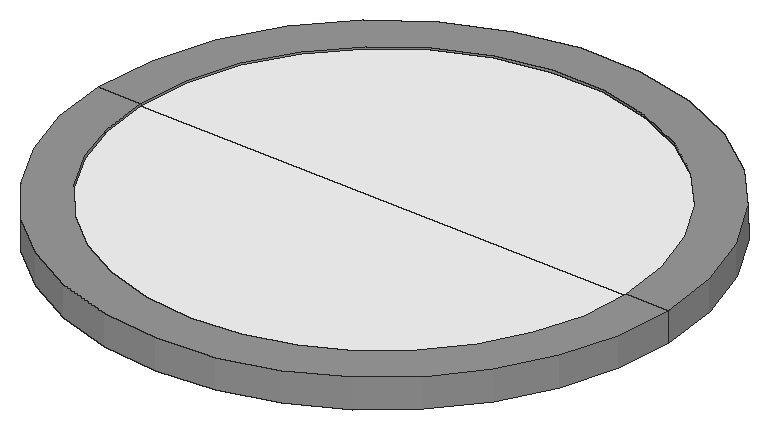
Revit family "0053415", category Lighting Fixtures, host Face, Revit 2017
Family settings
  Host = Face
  Round Connector Dimension = Use Diameter
  Part Type = Normal
  OmniClass Number = 23.80.70.00
  OmniClass Title = Lighting
  Cut with Voids When Loaded = No
  Light Source = Yes
  Shared = No
  Room Calculation Point = No
Parameters (values of type "0053415 SYLFLAT 5IN1 55-250 1900LM CCT LILO - 6500K")
  Weight = "5.76 kg"
  Wattage Comments = ""
  Wattage = 18 W
  WarrantyStartDate [instance] = "n/a"
  WarrantyGuarantorParts = "n/a"
  WarrantyDurationUnit = "n/a"
  WarrantyDurationParts = "n/a"
  WarrantyDescription = "n/a"
  built-in parameter 1150110 = 1 (stored number, unit not read)
  Voltage = 230 V
  URL = "http://www.sylvania-lighting.com"
  TypeName = "SYLFLAT 5IN1 55-250 1900LM CCT LILO - 6500K"
  Type Image = <None>
  Type Comments = "n/a"
  built-in parameter 1114217 = 1 (stored number, unit not read)
  Tilt Angle = -90.00°
  built-in parameter 1150109 = 1 (stored number, unit not read)
  built-in parameter 1150134 = 1
  built-in parameter 1150113 = 1 (stored number, unit not read)
  SerialNumber [instance] = "n/a"
  S_SYL = no
  RingVisible_SYL [instance] = no
  Radius_SYL = if(S_SYL, 82.1 mm, if(M_SYL, 108.4 mm, 145.8 mm))  # 145.8 mm
  RadiusRing_SYL = if(S_SYL, 83.1 mm, if(M_SYL, 109.4 mm, 146.8 mm))  # 146.8 mm
  RadiusRingIn_SYL = if(S_SYL, 59.5 mm, if(M_SYL, 85.8 mm, 123.2 mm))  # 123.2 mm
  Photometric Web File = "0053415-WW.ies"
  Material_3_SYL = Chrome - Polished
  PowerFactor = 0
  PowerConsumption = "18 W"
  NominalLength = 290 mm
  NominalHeight = 35 mm
  NominalDepth = 290 mm
  Name = "SYLFLAT 5IN1 55-250 1900LM CCT LILO - 6500K"
  ModelReference = Name  # "SYLFLAT 5IN1 55-250 1900LM CCT LILO - 6500K"
  ModelNumber = "0053415"
  Model = Name  # "SYLFLAT 5IN1 55-250 1900LM CCT LILO - 6500K"
  Material = "pc polycarbonate housing"
  ManufacturerName = "Feilo Sylvania"
  Manufacturer = "Feilo Sylvania"
  M_SYL = no
  LuminousEfficacy = "106 lm/W"
  LuminousAreaRad_SYL = if(S_SYL, 60.8 mm, if(M_SYL, 87 mm, 124.4 mm))  # 124.4 mm
  built-in parameter 1150105 = 151.83 (stored number, unit not read)
  Lumens = 1908 lm
  LuminaireType = ""
  built-in parameter 1150115 = 1 (stored number, unit not read)
  LightOutputRatio = "n/a"
  built-in parameter 1150137 = (empty or 0)
  built-in parameter 1150139 = (empty or 0)
  LampsType = Lamp  # "LED"
  LampNominalLuminous = "1900 lm"
  LampMacAdamStep = "n/a"
  LampColourTemperature = "6500 K"
  LampColourRenderingIndex = "80"
  built-in parameter 1150112 = 1 (stored number, unit not read)
  built-in parameter 1150114 = 1 (stored number, unit not read)
  Lamp = "LED"
  Keynote = "16500"
  InstallationDate [instance] = "n/a"
  InputVoltage = "220-240 V AC"
  InputNominalFrequency = "50/60 Hz"
  built-in parameter 1150132 = (empty or 0)
  built-in parameter 1150102 = (empty or 0)
  built-in parameter 1150107 = 6500 (stored number, unit not read)
  built-in parameter 1150138 = (empty or 0)
  IngressProtection = "IP20"
  ImpactProtectionIndex = "IK03"
  built-in parameter 1150106 = 1.5183 (stored number, unit not read)
  IfcExportType = "IfcLightFixtureType"
  IfcExportAs = "IfcLightFixtureType"
  Emit from Circle Diameter = LuminousAreaRad_SYL * 2  # 248.8 mm
  Emit Shape Visible in Rendering = no
  ElectricShockClassification = "Class II"
  built-in parameter 1150104 = 9.8477 (stored number, unit not read)
  DocumentationLiterature = "http://www.sylvania-lighting.com/product/en-int/products/0053415"
  DimmingControlOptions = "n/a"
  Material_2_SYL = LED
  Dimming Lamp Color Temperature Shift = <None>
  Description = ""
  Default Elevation = 1219.2 mm
  CreatedOn = "8/26/2019"
  CreatedBy = "@sylvania-lighting.com"
  Cost = 0
  Color Filter = 16777215
  built-in parameter 1114216 [instance] = (empty or 0)
  ClassificationValue = "EF_70_80"
  ClassificationName = "Uniclass2015"
  Material_1_SYL = PC/ABS Plastic
  BarCode [instance] = "n/a"
  built-in parameter 1114218 = 1 (stored number, unit not read)
  built-in parameter 1150133 = 10 (stored number, unit not read)
  AssetType = "Fixed"
  AssetIdentifier [instance] = "n/a"
  Assembly Code = "D5020200"
  Apparent Load = 18 VA
  Material_4_SYL = Plastic, Opaque Black
Types (3, lengths in mm): name | TypeName | built-in parameter 1150134 | Photometric Web File | Name | ModelReference | Model | LampColourTemperature | built-in parameter 1150107
  0053415 SYLFLAT 5IN1 55-250 1900LM CCT LILO - 6500K | "SYLFLAT 5IN1 55-250 1900LM CCT LILO - 6500K" | 1 | "0053415-WW.ies" | "SYLFLAT 5IN1 55-250 1900LM CCT LILO - 6500K" | "SYLFLAT 5IN1 55-250 1900LM CCT LILO - 6500K" | "SYLFLAT 5IN1 55-250 1900LM CCT LILO - 6500K" | "6500 K" | 6500 (stored number, unit not read)
  0053415 SYLFLAT 5IN1 55-250 1900LM CCT LILO - 4000K | "SYLFLAT 5IN1 55-250 1900LM CCT LILO - 4000K" | 12 | "0053415-NW.ies" | "SYLFLAT 5IN1 55-250 1900LM CCT LILO - 4000K" | "SYLFLAT 5IN1 55-250 1900LM CCT LILO - 4000K" | "SYLFLAT 5IN1 55-250 1900LM CCT LILO - 4000K" | "4000 K" | 4000 (stored number, unit not read)
  0053415 SYLFLAT 5IN1 55-250 1900LM CCT LILO - 3000K | "SYLFLAT 5IN1 55-250 1900LM CCT LILO - 3000K" | (empty or 0) | "0053415-CW.ies" | "SYLFLAT 5IN1 55-250 1900LM CCT LILO - 3000K" | "SYLFLAT 5IN1 55-250 1900LM CCT LILO - 3000K" | "SYLFLAT 5IN1 55-250 1900LM CCT LILO - 3000K" | "3000 K" | 3000 (stored number, unit not read)
Reference planes
  plane 1 "Center (Front/Back)": y = 0
  plane 2: z = 0
  plane 3 "Center (Left/Right)": x = 0
  plane 4: x = -145.8
  plane 5: z = 15
  plane 6: x = -124.4
  plane 7: z = 14
  plane 8: x = -146.8
  plane 9: z = 16
  plane 10: x = -123.2
Forms (mm)
  Revolve 1, solid, material "PC/ABS Plastic" <- "Material_1_SYL"
    sketch origin (0, 0, 0) x (1, 0, 0) y (0, 0, 1)
      loop
        line (0, 14) -> (-124.4, 14) -> (-124.4, 15) -> (-145.8, 15) -> (-145.8, 0) -> (0, 0) -> (0, 14)
      axis (0, 15) -> (0, 0)
    angle from 360 to 0
  Revolve 2, solid, material "Chrome - Polished" <- "Material_3_SYL", visible <- "RingVisible_SYL"
    sketch origin (0, 0, 0) x (1, 0, 0) y (0, 0, 1)
      loop
        line (-146.8, 0) -> (-145.8, 0) -> (-145.8, 15) -> (-123.2, 15) -> (-123.2, 16) -> (-146.8, 16) -> (-146.8, 0)
      axis (0, 16) -> (0, 0)
    angle from 360 to 0
Dimensions and locks
  locked: plane 5 to level at 15
  "Radius_SYL": plane 3 "Center (Left/Right)" to plane 4
  "LuminousAreaRad_SYL": plane 3 "Center (Left/Right)" to plane 6
  locked: plane 5 to plane 7 at 1
  locked: plane 9 to level at 16
  "RadiusRing_SYL": plane 3 "Center (Left/Right)" to plane 8
  "RadiusRingIn_SYL": plane 3 "Center (Left/Right)" to plane 10
  aligned and locked: plane 2 to host face
  aligned and locked: level to host face
  aligned and locked: Revolve 1 sketch curve to plane 3 "Center (Left/Right)"
  aligned and locked: plane 3 "Center (Left/Right)" to Revolve 1 sketch curve
  aligned and locked: Revolve 1 sketch curve to plane 7
  aligned and locked: Revolve 1 sketch curve to plane 6
  aligned and locked: Revolve 1 sketch curve to plane 5
  aligned and locked: Revolve 1 sketch curve to plane 4
  aligned and locked: Revolve 1 sketch curve to level
  aligned and locked: imposter light to Revolve 1 sketch curve
  aligned and locked: imposter light to plane 7
  aligned and locked: plane 3 "Center (Left/Right)" to imposter light
  aligned and locked: imposter light to plane 1 "Center (Front/Back)"
  aligned and locked: Revolve 2 sketch curve to plane 3 "Center (Left/Right)"
  aligned and locked: level to Revolve 2 sketch curve
  aligned and locked: plane 8 to Revolve 2 sketch curve
  aligned and locked: plane 9 to Revolve 2 sketch curve
  aligned and locked: Revolve 2 sketch curve to plane 10
  aligned and locked: Revolve 2 sketch curve to plane 5
  aligned and locked: Revolve 2 sketch curve to Revolve 1
  aligned and locked: Revolve 1 to Revolve 2 sketch curve
Automatic sketch dimensions
  host sketch curve to host sketch curve = 400 mm  (x2)
  Revolve 1 sketch curve to level = 609.6 mm
  Revolve 1 sketch curve to plane 5 = 2594.058 mm
  Revolve 2 sketch curve to level = 609.6 mm
  Revolve 2 sketch curve to plane 9 = 2593.058 mm
Connectors
  electrical at (0, 0, 0), driven by "Apparent Load", driven by "PowerFactor", driven by "Voltage"
    settings: index 1, voltage 230 V, apparent load 18 VA, apparent load phase1 0 VA, apparent load phase2 0 VA, apparent load phase3 0 VA, power factor 0, load classification "Lighting", number of poles 1, system type 30, power factor state 1, is connector primary yes, connector utility no, sub classification motor no, connector description ""
